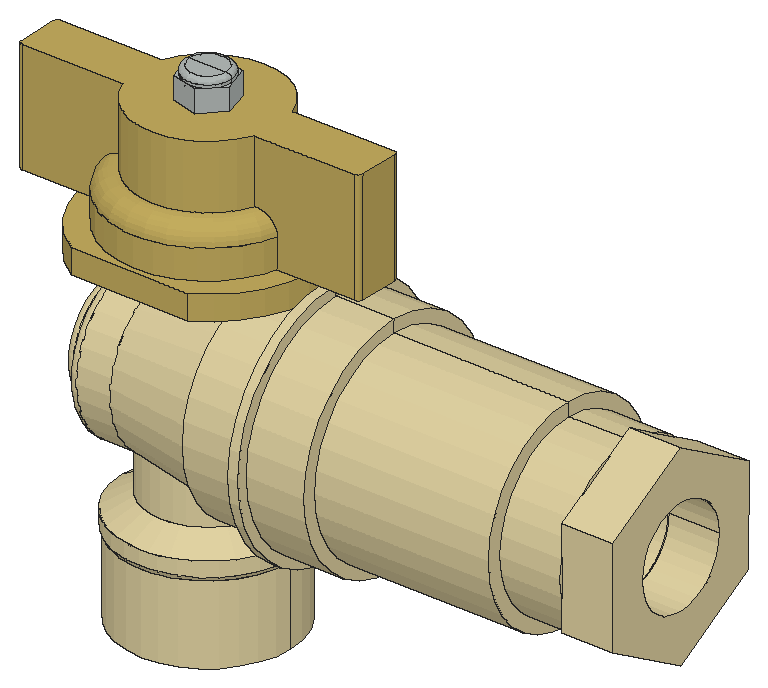
Revit family "QS21090000", category Apparecchi idraulici, Revit 2020
Family settings
  Quota connettore circolare = Usa diametro
  Tipo di parte = Normale
  Numero OmniClass = 23.45.00.00
  Titolo OmniClass = Sanitary, Laundry, and Cleaning Equipment
  Basato su piano di lavoro = No
  Sempre verticale = Sì
  Taglio con vuoti quando caricato = No
  Condiviso = No
  Punto di calcolo locali = No
Parameters
  URL = "https://web.cimberio.com/index.php/figura/54?subcategoria_id="
  Temperatura di esercizio = "0 ÷ 90°C"
  Prospetto di default = 0 mm
  Produttore = "CIMBERIO SPA"
  Pressione nominale = "5 psi"
  Modello = "Cim 1002"
  Materiale = "Prodotto in lega di ottone conforme alla norma EN 12165-CW617N-DW"
  Descrizione = "Utilizzato nell’impiantistica distributiva di gas a bassa pressione per le categorie:\r\nGas naturali: gas derivati dal petrolio (Metano) e gas di ricambio.\r\nGas di città: prodotti secondo i diversi procedimenti (Cracking - Cokerie - ecc.).\r\nGas liquidi: propano e miscele di gas propano/butano"
  DN Model [instance] = QS21091020 : QS21091020
  DN [instance] = 20 mm
  Commenti sul tipo = "Realizzato in ottemperanza ai requisiti gestionali della norma EN ISO 9001.\r\nCollaudato al 100% secondo la normativa EN 12266-1"
Reference planes
  plane 1 "Centro (Fronte/Retro)": y = 0
  plane 2: z = 0
  plane 3 "Centro (Sinistra/Destra)": x = 0
Dimensions and locks
  aligned and locked: level to plane 2
Nested families
  nested 1: "QS21091020" at (0, 0, 0), type <- "DN Model", type "QS21091020"
  nested 2: "QS21091020" at (0, 0, 0), type <- "DN Model", type "QS21091020"
Connectors
  piping at (96.9, 0, 0), diameter 20, driven by "DN"
    settings: on nested 1, index 1, connector inside diameter 609.6 mm, connector length 0 mm, flow factor 0, pipe flow 0.0 L/s, pressure drop 0.0 Pa, fitting loss kfactor 0, connector angle 0.00°, fixture units 0, engagement length 0 mm, angle of deflection 0.00°, flow configuration 0, flow direction 0, fitting loss method 0, system type 7, joint type 0, gender type 0, connector reference index -1, connector utility 0, adjustable connector no, is connector primary yes, connector description ""
Definition of nested family "QS21091020"
  Parameters (values of type "QS21091020")
    URL = ""
    Default Elevation = 0 mm
    Manufacturer = ""
    Model = ""
    Description = ""
    Type Comments = ""
  Reference planes
    plane 1 "Centro (Fronte/Retro)": y = 0
    plane 2: z = 0
    plane 3 "Centro (Sinistra/Destra)": x = 0
  Forms (mm)
    Revolve 1, solid
      sketch origin (0, 0, 0) x (1, 0, 0) y (0, 0, 1)
        loop
          line (12, -19.452) -> (12, -21.5) -> (24.1, -21.5) -> (24.1, -25) -> (26.1, -25) -> (26.1, -23) -> (38.1, -23) -> (38.1, -20.5) -> (73.9, -20.5) -> (73.9, -17.75) -> (86.4, -17.75) -> (86.4, -10) -> (-16, -10) -> (-16, 0) -> (-20, 0) -> (-20, -10.001)
          arc (-20, -10.001) -> (-19.414, -11.415) -> (-18, -12) r 2
          line (-18, -12) -> (-17, -12)
          arc (-17, -12) -> (-16.293, -12.293) -> (-16, -13) r 1
          line (-16, -13) -> (-16, -14.25)
          arc (-16, -14.25) -> (-15.414, -15.665) -> (-13.998, -16.25) r 2
          line (-13.998, -16.25) -> (-7.165, -16.25) -> (12, -19.452)
        axis (-20, 0) -> (86.4, 0)
      angle from 0 to 360
    Revolve 2, solid
      sketch origin (0, 0, 0) x (1, 0, 0) y (0, 0, 1)
        loop
          line (8.5, 11.728) -> (8.5, 30.037) -> (0.067, 30.037) -> (0.067, 11.728) -> (8.5, 11.728)
        axis (0.067, 11.728) -> (0.067, 30.037)
      angle from 0 to 360
    Extrusion 3, solid
      sketch origin (105.378, 0, 0) x (0, 1, 0) y (0, 0, 1)
        loop
          line (0, 20) -> (-17.321, 10) -> (-17.321, -10) -> (0, -20) -> (17.321, -10) -> (17.321, 10) -> (0, 20)
        loop
          circle (0, 0) r 10
      from -18.978 to -8.478
    Extrusion 4, solid
      sketch origin (0, 0, 4.5) x (1, 0, 0) y (0, 1, 0)
        loop
          arc (-11.954, 20) -> (-20.266, 11.497) -> (-23.3, 0) r 23.3
          arc (-23.3, 0) -> (-20.266, -11.497) -> (-11.954, -20) r 23.3
          line (-11.954, -20) -> (11.954, -20)
          arc (11.954, -20) -> (20.612, -10.865) -> (23.255, 1.44) r 23.3
          arc (23.255, 1.44) -> (19.901, 12.118) -> (11.954, 20) r 23.3
          line (11.954, 20) -> (-11.954, 20)
      from 17.8 to 22.8
    Revolve 5, solid
      sketch origin (0, 0, 4.5) x (1, 0, 0) y (0, 0, 1)
        loop
          line (0, 33.8) -> (0, 22.8) -> (18.914, 22.8) -> (18.914, 28.8)
          arc (18.914, 28.8) -> (17.498, 31.791) -> (14.346, 32.8) r 4.158
          arc (14.346, 32.8) -> (13.584, 33.068) -> (13.241, 33.8) r 1.046
          line (13.241, 33.8) -> (0, 33.8)
        axis (0, 22.8) -> (0, 33.8)
      angle from 0 to 360
    Revolve 6, solid
      sketch origin (0, 0, 4.5) x (1, 0, 0) y (0, 0, 1)
        loop
          arc (4.75, 50.8) -> (4.457, 51.507) -> (3.75, 51.8) r 1
          line (3.75, 51.8) -> (0, 51.8) -> (0, 49.76) -> (4.75, 49.76) -> (4.75, 50.8)
        axis (0, 51.8) -> (0, 49.76)
      angle from 0 to 360
    Extrusion 7, solid
      sketch origin (0, 0, 4.5) x (1, 0, 0) y (0, 1, 0)
        loop
          arc (-34, 5) -> (-34.707, 4.707) -> (-35, 4) r 1
          line (-35, 4) -> (-35, -4)
          arc (-35, -4) -> (-34.707, -4.707) -> (-34, -5) r 1
          line (-34, -5) -> (-13.447, -5)
          arc (-13.447, -5) -> (0, -14.346) -> (13.447, -5) r 14.346
          line (13.447, -5) -> (34, -5)
          arc (34, -5) -> (34.707, -4.707) -> (35, -4) r 1
          line (35, -4) -> (35, 4)
          arc (35, 4) -> (34.707, 4.707) -> (34, 5) r 1
          line (34, 5) -> (13.447, 5)
          arc (13.447, 5) -> (0, 14.346) -> (-13.447, 5) r 14.346
          line (-13.447, 5) -> (-34, 5)
      from 22.8 to 45.8
    Extrusion 8, solid
      sketch origin (0, 0, 4.5) x (1, 0, 0) y (0, 1, 0)
        loop
          line (-1.596, 5.368) -> (-5.447, 1.302) -> (-3.851, -4.066) -> (1.596, -5.368) -> (5.447, -1.302) -> (3.851, 4.066) -> (-1.596, 5.368)
      from 45.8 to 50.3
    Revolve 9, solid
      sketch origin (0, 0, 0) x (1, 0, 0) y (0, 0, 1)
        loop
          line (0, -6.754) -> (-12, -6.754) -> (-12, -21.825) -> (-17.5, -25) -> (-17.5, -28) -> (-17, -28.866) -> (-17, -45) -> (0, -45) -> (0, -6.754)
        axis (0, -45) -> (0, -6.754)
      angle from 0 to 360
  Dimensions and locks
    aligned and locked: level to plane 2
